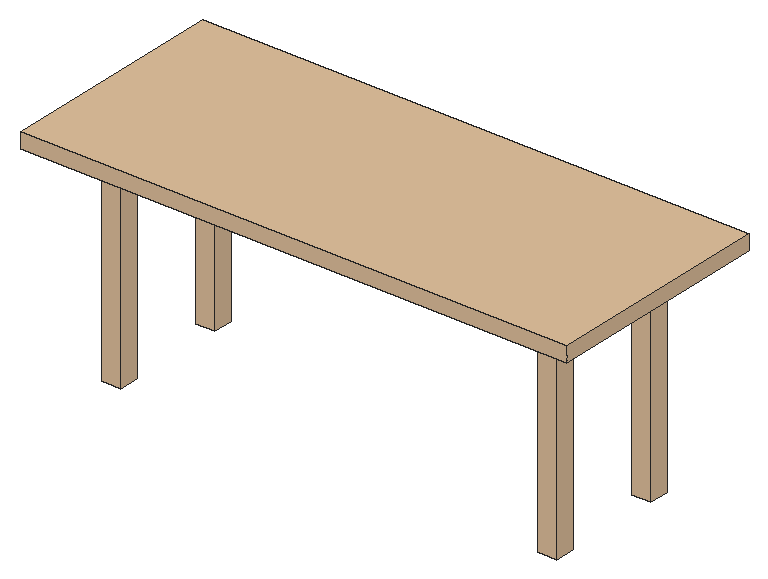
Revit family "86fc423b037c48d1b60ad32768a0122e", category Furniture, Revit 2021
Family settings
  OmniClass Number = 23.40.20.14.17
  OmniClass Title = Residential Tables and Cabinets
  Seek Item ID = Table-Rectangular-0000-USA-ENU
  Work Plane-Based = No
  Always vertical = Yes
  Cut with Voids When Loaded = No
  Shared = Yes
  Room Calculation Point = No
Parameters (values of type "72" x 30"")
  Default Elevation = 0' - 0"
  Assembly Code = "E2020200"
  Base Material = Birch
  Height = 2' - 6"
  Length = 6' - 0"
  Top Material = Birch
  Width = 2' - 6"
Types (4): name | Length | Width
  (no name) | 6' - 0" | 2' - 6"
  72" x 30" | 6' - 0" | 2' - 6"
  36" x 36" | 3' - 0" | 3' - 0"
  60" x 48" | 5' - 0" | 4' - 0"
Reference planes (in)
  plane 1: y = 0
  plane 2: z = 0
  plane 3: x = 0
  plane 4: z = 30
  plane 5: x = -36
  plane 6: x = 36
  plane 7: y = 15
  plane 8: y = -15
Forms (in)
  Extrusion 1, solid, material "Birch" <- "Base Material"
    sketch origin (-43.80678, -8.01344, 0) x (1, 0, 0) y (0, 1, 0)
      loop
        line (13.80678, 17.01344) -> (13.80678, 14.51344) -> (16.30678, 14.51344) -> (16.30678, 17.01344) -> (13.80678, 17.01344)
      loop
        line (73.80678, 17.01344) -> (71.30678, 17.01344) -> (71.30678, 14.51344) -> (73.80678, 14.51344) -> (73.80678, 17.01344)
      loop
        line (13.80678, -0.98656) -> (16.30678, -0.98656) -> (16.30678, 1.51344) -> (13.80678, 1.51344) -> (13.80678, -0.98656)
      loop
        line (73.80678, -0.98656) -> (73.80678, 1.51344) -> (71.30678, 1.51344) -> (71.30678, -0.98656) -> (73.80678, -0.98656)
    from 0 to 28
  Extrusion 2, solid, material "Birch" <- "Top Material"
    sketch origin (-23.67803, -10.38308, 0) x (1, 0, 0) y (0, 1, 0)
      loop
        line (-12.32197, 25.38308) -> (-12.32197, -4.61692) -> (59.67803, -4.61692) -> (59.67803, 25.38308) -> (-12.32197, 25.38308)
    from 28 to 30
  Extrusion 3, solid, material "Birch" <- "Base Material"
    sketch origin (-43.80678, -8.01344, 0) x (1, 0, 0) y (0, 1, 0)
      loop
        line (16.30678, 15.51344) -> (16.30678, 14.51344) -> (71.30678, 14.51344) -> (71.30678, 15.51344) -> (16.30678, 15.51344)
      loop
        line (16.30678, 0.51344) -> (71.30678, 0.51344) -> (71.30678, 1.51344) -> (16.30678, 1.51344) -> (16.30678, 0.51344)
      loop
        line (14.80678, 1.51344) -> (15.80678, 1.51344) -> (15.80678, 14.51344) -> (14.80678, 14.51344) -> (14.80678, 1.51344)
      loop
        line (72.80678, 1.51344) -> (72.80678, 14.51344) -> (71.80678, 14.51344) -> (71.80678, 1.51344) -> (72.80678, 1.51344)
    from 24 to 28
Lines and regions (in)
  Masking region 1
    outline origin (0, 0, 0) x (1, 0, 0) y (0, 1, 0)
      loop
        line (-36, 15) -> (-36, -15) -> (36, -15) -> (36, 15) -> (-36, 15)
Dimensions and locks (in)
  equal spacing: Extrusion 3 sketch curve, plane 3, Extrusion 3 sketch curve  (x3)
  equal spacing: Extrusion 3 sketch curve, plane 1, Extrusion 3 sketch curve  (x2)
  locked: Extrusion 3 sketch curve to Extrusion 3 sketch curve at 1  (x4)
  locked: Extrusion 1 sketch curve to Extrusion 1 sketch curve at 2.5  (x4)
  equal spacing: Extrusion 1 sketch curve, plane 1, Extrusion 1 sketch curve
  equal spacing: Extrusion 1 sketch curve, plane 3, Extrusion 1 sketch curve
  Extrusion 3 sketch curve to Extrusion 2 = 0' - 7"
  Extrusion 2 to Extrusion 3 sketch curve = 0' - 7 1/2"
  locked: Extrusion 2 to Extrusion 1 sketch curve at 6  (x2)
  Extrusion 3 sketch curve to Extrusion 3 sketch curve = 0' - 1 1/2"  (x2)
  Extrusion 3 sketch curve to Extrusion 3 sketch curve = 0' - 1"
  "Height": plane 2 to plane 4
  locked: Extrusion 2 to Extrusion 2 at 2
  locked: Extrusion 3 to Extrusion 3 at 4
  "Length": plane 5 to plane 6
  "Width": plane 8 to plane 7
  equal spacing: plane 8, plane 1, plane 7
  equal spacing: plane 5, plane 3, plane 6
  aligned and locked: Extrusion 1 to level
  aligned and locked: Extrusion 1 sketch curve to Extrusion 1 sketch curve  (x9)
  aligned and locked: Extrusion 3 sketch curve to Extrusion 3 sketch curve  (x3)
  aligned and locked: Extrusion 2 to plane 4
  aligned and locked: Extrusion 3 to Extrusion 2
  aligned and locked: Extrusion 1 to Extrusion 2
  aligned and locked: plane 8 to Extrusion 2 sketch curve
  aligned and locked: plane 5 to Extrusion 2 sketch curve
  aligned and locked: plane 7 to Extrusion 2 sketch curve
  aligned and locked: plane 6 to Extrusion 2 sketch curve
  aligned and locked: Masking region 1 sketch curve to plane 8
  aligned and locked: plane 7 to Masking region 1 sketch curve
  aligned and locked: Masking region 1 sketch curve to plane 5
  aligned and locked: plane 6 to Masking region 1 sketch curve
